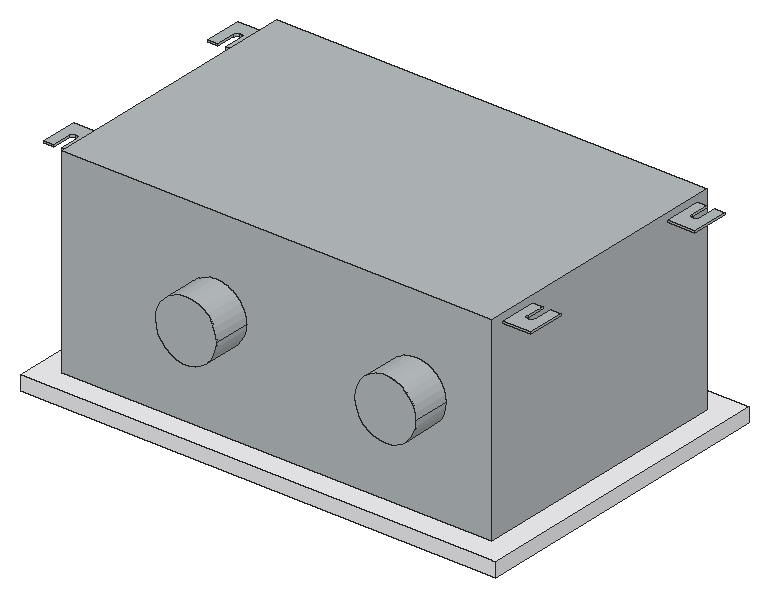
Revit family "lgh-n15_25dc_60Hz", category 機械設備, Revit 2019
Family settings
  丸型コネクタ寸法 = 直径を使用
  パーツ タイプ = 標準
  OmniClass 番号 = 23.75.10.34.21
  OmniClass タイトル = Heat Exchangers for Ventilation Air
  作業面ベース = いいえ
  常に垂直 = はい
  ロード時にボイドで切り取り = いいえ
  共有 = いいえ
  部屋計算ポイント = はい
Parameters (values of type "LGH-N10DC")
  騒音レベル(dB(A)) = 30
  風量 = 100.0 m³/h
  面風速 = 3.54 m/s
  電源種別 [instance] = "一般"
  電圧 = 100 V
  電動機出力 = 0 W
  集中コントローラ = ""
  運転質量 = 0.00 kg
  連動 [instance] = ""
  質量 = if(製品質量 > 運転質量, 製品質量, 運転質量) * 1.2  # 18.00 kg
  負荷分類 = 3_ファン類
  説明 = "業務用ロスナイ パワー脱臭カセット形"
  設計風量 = 0.0 m³/h
  設置方法 = "カセット形"
  記号 [instance] = ""
  製造元 = "MITSIBISHI ELECTRIC"
  製品質量 = 15.00 kg
  製品出荷対象 = "国内"
  製品リリース年月 = "2013/7/1"
  製品グループ = ""
  系統 [instance] = ""
  符号 = "HEU"
  積算_科目 = "1 空気調和設備"
  積算_拾い区分 [instance] = ""
  相 = 1
  盤記号 [instance] = ""
  発停方法 [instance] = "別売スイッチ"
  特殊仕様 [instance] = ""
  火災停止 [instance] = ""
  温度交換効率 = 60.00%
  消費電力 = 30 W
  法定耐用年数 = "15"
  機外静圧_排気 = 0.0 Pa
  機外静圧 = 0.0 Pa
  構成部品 = "パネル"
  極数 = 1
  材質 [instance] = ""
  本体マテリアル = 溶融亜鉛めっき鋼板
  操作・制御方式 = ""
  操作・制御スイッチ = ""
  排気量 = 0.0 m³/h
  形式 = "カセット形"
  幹線記号 [instance] = ""
  対象室 [instance] = ""
  実風量 = 0.0 m³/h
  始動方式 [instance] = "直入"
  天吊金具_径 = 6.5 mm
  天吊金具_幅 = 30 mm
  外気量 = 0.0 m³/h
  呼称 = "全熱交換ユニット"
  周波数 = 60 Hz
  天吊金具ピッチ2 = 330 mm
  天吊金具ピッチ1 = 736 mm
  天吊金具_高さ = 10 mm
  参照している仕様書等のバージョン = ""
  初期抵抗 = 0.0 Pa
  分類コード = "50052504100080"
  分類グループ = ""
  価格 = 120000
  企業コード = "108420"
  付属品_フィルター_還気 = ""
  付属品_フィルター = ""
  付属品 [instance] = ""
  仕様書バージョン = "Version1.0"
  モデル = "LGH-N10DC"
  パネルマテリアル = 樹脂成形
  コメント [instance] = ""
  Keynote = ""
  エンタルピ交換効率_暖房 = 48.00%
  エンタルピ交換効率_冷房 = 41.00%
  Assembly Code = ""
  Width = 690 mm
  Version = ""
  Uniclass2015Version = "Systems v1.9"
  Uniclass2015Title = "Thermal wheels"
  Uniclass2015Code = "Pr_60_60_36_88"
  URL = "https://www.mitsubishielectric.co.jp/ldg/wink/ssl/displayProduct.do?pid=212457"
  SpecificationReference = ""
  SpecificationDescription = ""
  Panel_Center = 0 mm
  Duct_W = 123 mm
  SAサイズ_D = 0 mm
  Revision = ""
  RAサイズ_D = 0 mm
  ProductInformation = ""
  OmniClassCode = "23-27 23 19 11"
  OAサイズ_W = 0 mm
  OAサイズ_D = 97.5 mm
  MIN風量 = 60.0 m³/h
  MIN静圧 = 0.0 Pa
  MAX風量 = 100.0 m³/h
  MAX静圧 = 0.0 Pa
  IfcTypeProduct = ""
  IfcProduct = ""
  IfcExportType = "ROTARYWHEEL"
  IfcExportAs = "IfcAirToAirHeatRecoveryType"
  Height = 318 mm
  EAサイズ_W = 0 mm
  EAサイズ_D = 97.5 mm
  Duct_Pitch = 320 mm
  Duct_Height = 145 mm
  Duct_Depth = 60 mm
  Depth = 430 mm
  Panel_Width = 763 mm
  Panel_Height = 23 mm
  Panel_Depth = 506 mm
  Author = "MITSUBISHI ELECTRIC"
Types (3, lengths in mm): name | 騒音レベル(dB(A)) | 風量 | 面風速 | 質量 | 製品質量 | 消費電力 | 天吊金具ピッチ2 | 天吊金具ピッチ1 | 価格 | モデル | エンタルピ交換効率_暖房 | エンタルピ交換効率_冷房 | Width | URL | Panel_Center | Duct_W | OAサイズ_D | MIN風量 | MAX風量 | Height | EAサイズ_D | Duct_Pitch | Duct_Height | Duct_Depth | Depth | Panel_Width | Panel_Depth
  LGH-N10DC | 30 | 100.0 m³/h | 3.54 m/s | 18.00 kg | 15.00 kg | 30 W | 330 | 736 | 120000 | "LGH-N10DC" | 48.00% | 41.00% | 690 | "https://www.mitsubishielectric.co.jp/ldg/wink/ssl/displayProduct.do?pid=212457" | 0 | 123 | 97.5 | 60.0 m³/h | 100.0 m³/h | 318 | 97.5 | 320 | 145 | 60 | 430 | 763 | 506
  LGH-N15DC | 33 | 150.0 m³/h | 5.31 m/s | 21.60 kg | 18.00 kg | 49 W | 330 | 926 | 150000 | "LGH-N15DC" | 50.00% | 40.00% | 880 | "https://www.mitsubishielectric.co.jp/ldg/wink/ssl/displayProduct.do?pid=212458" | 95 | 123 | 97.5 | 80.0 m³/h | 150.0 m³/h | 350 | 97.5 | 405 | 145 | 90 | 430 | 763 | 506
  LGH-N25DC | 36 | 250.0 m³/h | 3.93 m/s | 30.00 kg | 25.00 kg | 100 W | 420 | 926 | 193000 | "LGH-N25DC" | 55.00% | 42.00% | 880 | "https://www.mitsubishielectric.co.jp/ldg/wink/ssl/displayProduct.do?pid=212045" | 0 | 137 | 142 | 140.0 m³/h | 250.0 m³/h | 390 | 142 | 450 | 115 | 60 | 520 | 955 | 596
Reference planes
  plane 1 "中心(正面/背面)": y = 0
  plane 2: z = 0
  plane 3 "中心(左/右)": x = 0
  plane 4: x = -345
  plane 5: x = 345
  plane 6: y = 215
  plane 7: y = -215
  plane 8: z = 173
  plane 9: x = -98
  plane 10: x = 222
  plane 11: y = -275
  plane 12: x = -368
  plane 13: x = 368
  plane 14: y = 165
  plane 15: y = -165
  plane 16: y = 195
  plane 17: y = 135
  plane 18: y = -135
  plane 19: y = -195
  plane 20: z = 308
  plane 21: z = 305
  plane 22: x = -381.5
  plane 23: y = 253
  plane 24: y = -253
  plane 25: x = 381.5
  plane 26: z = -23
  plane 27: x = -390.5
  plane 28: x = 390.5
  plane 29: z = 318
  plane 30: x = 0
Forms (mm)
  Extrusion 1, solid, material "溶融亜鉛めっき鋼板" <- "本体マテリアル", detail levels fine
    sketch origin (0, 0, 0) x (1, 0, 0) y (0, 1, 0)
      loop
        line (-345, 215) -> (-345, -215) -> (345, -215) -> (345, 215) -> (-345, 215)
    from 318 to 0
  Extrusion 2, solid, material "溶融亜鉛めっき鋼板" <- "本体マテリアル", detail levels fine
    sketch origin (510, -445, 0) x (-1, 0, 0) y (0, 0, -1)
      loop
        circle (288, -173) r 48.75
    from -230 to -170
  Extrusion 3, solid, material "溶融亜鉛めっき鋼板" <- "本体マテリアル", detail levels fine
    sketch origin (-510, -445, 0) x (1, 0, 0) y (0, 0, 1)
      loop
        circle (412, 173) r 48.75
    from -230 to -170
  Extrusion 4, solid, material "樹脂成形" <- "パネルマテリアル"
    sketch origin (0, 0, 0) x (1, 0, 0) y (0, 1, 0)
      loop
        line (-381.5, 253) -> (-381.5, -253) -> (381.5, -253) -> (381.5, 253) -> (-381.5, 253)
    from -23 to 0
  Extrusion 5, solid, material "溶融亜鉛めっき鋼板"
    sketch origin (0, 0, 0) x (1, 0, 0) y (0, 1, 0)
      loop
        line (-345, 195) -> (-390.5, 195) -> (-390.5, 135) -> (-374.5, 135) -> (-374.5, 165)
        arc (-374.5, 165) -> (-368, 171.5) -> (-361.5, 165) r 6.5
        line (-361.5, 165) -> (-361.5, 135) -> (-345, 135) -> (-345, 195)
    from 305 to 308
  Extrusion 6, solid, material "溶融亜鉛めっき鋼板"
    sketch origin (0, 0, 0) x (1, 0, 0) y (0, 1, 0)
      loop
        line (-345, -135) -> (-390.5, -135) -> (-390.5, -195) -> (-374.5, -195) -> (-374.5, -165)
        arc (-374.5, -165) -> (-368, -158.5) -> (-361.5, -165) r 6.5
        line (-361.5, -165) -> (-361.5, -195) -> (-345, -195) -> (-345, -135)
    from 305 to 308
  Extrusion 7, solid, material "溶融亜鉛めっき鋼板"
    sketch origin (0, 0, 0) x (-1, 0, 0) y (0, -1, 0)
      loop
        line (-345, 195) -> (-390.5, 195) -> (-390.5, 135) -> (-374.5, 135) -> (-374.5, 165)
        arc (-374.5, 165) -> (-368, 171.5) -> (-361.5, 165) r 6.5
        line (-361.5, 165) -> (-361.5, 135) -> (-345, 135) -> (-345, 195)
    from 305 to 308
  Extrusion 8, solid, material "溶融亜鉛めっき鋼板"
    sketch origin (0, 420, 0) x (-1, 0, 0) y (0, -1, 0)
      loop
        line (-345, 285) -> (-390.5, 285) -> (-390.5, 225) -> (-374.5, 225) -> (-374.5, 255)
        arc (-374.5, 255) -> (-368, 261.5) -> (-361.5, 255) r 6.5
        line (-361.5, 255) -> (-361.5, 225) -> (-345, 225) -> (-345, 285)
    from 305 to 308
Lines and regions (mm)
  Masking region 1, detail levels coarse+medium
    outline origin (1326.5, 29, 0) x (1, 0, 0) y (0, 1, 0)
      loop
        line (-1671.5, 186) -> (-1671.5, -244) -> (-981.5, -244) -> (-981.5, 186) -> (-1671.5, 186)
  symbolic lines, detail levels coarse+medium
    curve 1: line (0, 215, 0) -> (-345, 0, 0)
    curve 2: line (-345, 0, 0) -> (0, -215, 0)
    curve 3: line (0, -215, 0) -> (345, 0, 0)
    curve 4: line (345, 0, 0) -> (0, 215, 0)
Dimensions and locks
  equal spacing: plane 4, plane 3 "中心(左/右)", plane 5
  "Width": plane 4 to plane 5
  equal spacing: plane 6, plane 1 "中心(正面/背面)", plane 7
  "Depth": plane 6 to plane 7
  "Duct_Pitch": plane 10 to plane 9
  "Duct_Depth": plane 7 to plane 11
  equal spacing: plane 12, plane 3 "中心(左/右)", plane 13
  "天吊金具ピッチ1": plane 12 to plane 13
  equal spacing: plane 14, plane 1 "中心(正面/背面)", plane 15
  "天吊金具ピッチ2": plane 14 to plane 15
  equal spacing: plane 16, plane 14, plane 17
  locked: plane 20 to plane 21 at 3
  equal spacing: plane 23, plane 1 "中心(正面/背面)", plane 24
  "Panel_Depth": plane 23 to plane 24
  "Duct_W": plane 5 to plane 10
  equal spacing: plane 18, plane 15, plane 19
  "天吊金具_幅": plane 15 to plane 19
  "天吊金具_幅": plane 14 to plane 17
  locked: plane 27 to plane 12 at 22.5
  locked: plane 13 to plane 28 at 22.5
  "Height": plane 29 to level
  "天吊金具_高さ": plane 29 to plane 20
  "Duct_Height": plane 29 to plane 8
  "Panel_Height": level to plane 26
  "Panel_Center": plane 30 to plane 3 "中心(左/右)"
  equal spacing: plane 22, plane 30, plane 25
  "Panel_Width": plane 22 to plane 25
  "EAサイズ_D": diameter of Extrusion 3 sketch curve
  "天吊金具_径": radius of Extrusion 5 sketch curve
  "天吊金具_径": radius of Extrusion 6 sketch curve
  "天吊金具_径": radius of Extrusion 7 sketch curve
  "天吊金具_径": radius of Extrusion 8 sketch curve
  "OAサイズ_D": diameter of Extrusion 2 sketch curve
  aligned and locked: level to plane 2
  aligned and locked: plane 7 to Extrusion 2
  aligned and locked: Extrusion 2 to plane 11
  aligned and locked: Masking region 1 to plane 4
  aligned and locked: plane 5 to Masking region 1
  aligned and locked: plane 6 to Masking region 1
  aligned and locked: Masking region 1 to plane 7
  aligned and locked: plane 13 to nested 1
  aligned and locked: plane 12 to nested 1
  aligned and locked: nested 1 to plane 15
  aligned and locked: plane 14 to nested 1
  aligned and locked: Extrusion 3 to plane 11
  aligned and locked: plane 7 to Extrusion 3
  aligned and locked: Extrusion 4 sketch curve to plane 23
  aligned and locked: plane 22 to Extrusion 4 sketch curve
  aligned and locked: plane 24 to Extrusion 4 sketch curve
  aligned and locked: Extrusion 4 sketch curve to plane 25
  aligned and locked: Extrusion 4 to plane 26
  aligned and locked: plane 4 to Extrusion 5 sketch curve
  aligned and locked: plane 16 to Extrusion 5 sketch curve
  aligned and locked: Extrusion 5 sketch curve to plane 27
  aligned and locked: Extrusion 5 sketch curve to plane 17  (x2)
  aligned and locked: plane 18 to Extrusion 6 sketch curve
  aligned and locked: plane 4 to Extrusion 6 sketch curve
  aligned and locked: Extrusion 6 sketch curve to plane 27
  aligned and locked: Extrusion 6 sketch curve to plane 19  (x2)
  aligned and locked: Extrusion 7 sketch curve to plane 19
  aligned and locked: Extrusion 7 sketch curve to plane 5
  aligned and locked: Extrusion 7 sketch curve to plane 28
  aligned and locked: Extrusion 8 sketch curve to plane 28
  aligned and locked: Extrusion 8 sketch curve to plane 17
  aligned and locked: Extrusion 8 sketch curve to plane 5
  aligned and locked: plane 16 to Extrusion 8 sketch curve  (x2)
  aligned and locked: Extrusion 6 to plane 21
  aligned and locked: plane 20 to Extrusion 6
  aligned and locked: Extrusion 5 to plane 21
  aligned and locked: plane 20 to Extrusion 5
  aligned and locked: Extrusion 7 to plane 21
  aligned and locked: plane 20 to Extrusion 7
  aligned and locked: Extrusion 8 to plane 21
  aligned and locked: plane 20 to Extrusion 8
  aligned and locked: Extrusion 1 to plane 29
  aligned and locked: Extrusion 1 to level
  aligned and locked: level to Extrusion 4
Automatic sketch dimensions
  plane 1 "中心(正面/背面)" to curve 1 = 0 mm
  curve 1 to plane 4 = 0 mm
  curve 2 to plane 3 "中心(左/右)" = 0 mm
  curve 4 to plane 3 "中心(左/右)" = 0 mm
  plane 1 "中心(正面/背面)" to curve 4 = 0 mm
  curve 4 to plane 5 = 0 mm
  curve 2 to plane 7 = 0 mm
  curve 4 to plane 6 = 0 mm
  Extrusion 1 sketch curve to plane 4 = 0 mm
  Extrusion 1 sketch curve to plane 5 = 0 mm
  Extrusion 1 sketch curve to plane 7 = 0 mm
  Extrusion 1 sketch curve to plane 6 = 0 mm
  Extrusion 2 sketch curve to plane 8 = 0 mm
  Extrusion 2 sketch curve to plane 10 = 0 mm
  Masking region 1 sketch curve to plane 4 = 0 mm
  Masking region 1 sketch curve to plane 5 = 0 mm
  Masking region 1 sketch curve to plane 7 = 0 mm
  Masking region 1 sketch curve to plane 6 = 0 mm
  Extrusion 5 sketch curve to plane 14 = 0 mm
  Extrusion 5 sketch curve to plane 12 = 0 mm
  Extrusion 6 sketch curve to plane 15 = 0 mm
  Extrusion 6 sketch curve to plane 12 = 0 mm
  Extrusion 7 sketch curve to plane 18 = 0 mm  (x2)
  Extrusion 7 sketch curve to plane 15 = 0 mm
  Extrusion 7 sketch curve to plane 13 = 0 mm
  Extrusion 8 sketch curve to plane 14 = 0 mm
  Extrusion 8 sketch curve to plane 13 = 0 mm
  Extrusion 3 sketch curve to plane 8 = 0 mm
  Extrusion 3 sketch curve to plane 9 = 0 mm
Nested families
  nested 1: "固定点" at (-368, -165, 0), type "固定点"
    with W 736 mm, D 330 mm
Connectors
  hvac at (222, -275, 173), driven by "RAサイズ_D", driven by "機外静圧", driven by "風量"
    settings: on Extrusion 2, index 2, duct flow 100.0 m³/h, flow factor 0, pres drop 0.0 Pa, loss coef 0, conn angle 0.00°, conn width 304.8 mm, conn height 304.8 mm, conn diameter 0 mm, duct sys type 4, conn prof type 0, flow config 0, flow direction 1, loss method 4, conn ref index -1, conn util no, is conn primary no, conn desc ""
  hvac at (-98, -275, 173), driven by "SAサイズ_D", driven by "風量", driven by "機外静圧"
    settings: on Extrusion 3, index 10, duct flow 100.0 m³/h, flow factor 0, pres drop 0.0 Pa, loss coef 0, conn angle 0.00°, conn width 304.8 mm, conn height 304.8 mm, conn diameter 0 mm, duct sys type 3, conn prof type 0, flow config 0, flow direction 2, loss method 4, conn ref index -1, conn util no, is conn primary yes, conn desc ""
  electrical at (0, 0, 318), driven by "極数", driven by "負荷分類", driven by "電圧", driven by "消費電力"
    settings: on Extrusion 1, index 11, voltage 100 V, apparent load 30 VA, apparent load phase1 0 VA, apparent load phase2 0 VA, apparent load phase3 0 VA, power factor 1, load classification "3_ファン類", number of poles 1, system type 30, power factor state 1, is connector primary yes, connector utility no, sub classification motor no, connector description ""
Definition of nested family "固定点"
  Parameters (values of type "固定点")
    中心円 = 20 mm
    W [instance] = 1000 mm
    D [instance] = 1000 mm
  Reference planes
    plane 1 "中心(正面/背面)": y = 0
    plane 2: z = 0
    plane 3 "中心(左/右)": x = 0
    plane 4: x = 1000
    plane 5: y = 1000
  Lines and regions (mm)
    symbolic lines, detail levels fine
      curve 1: circle (0, 1000, 0) r 10 normal (0, 0, 1)
      curve 2: circle (0, 0, 0) r 10 normal (0, 0, 1)
      curve 3: circle (1000, 1000, 0) r 10 normal (0, 0, 1)
      curve 4: circle (1000, 0, 0) r 10 normal (0, 0, 1)
      curve 5: line (-200, 1000, 0) -> (1200, 1000, 0)
      curve 6: line (-200, 0, 0) -> (1200, 0, 0)
      curve 7: line (0, 1200, 0) -> (0, -200, 0)
      curve 8: line (1000, 1200, 0) -> (1000, -200, 0)
  Dimensions and locks
    "W": plane 3 "中心(左/右)" to plane 4
    "D": plane 1 "中心(正面/背面)" to plane 5
    "中心円": diameter of curve 1
    "中心円": diameter of curve 2
    "中心円": diameter of curve 3
    "中心円": diameter of curve 4
    aligned and locked: level to plane 2
    aligned and locked: plane 5 to curve 1
    aligned and locked: plane 3 "中心(左/右)" to curve 1
    aligned and locked: plane 3 "中心(左/右)" to curve 2
    aligned and locked: plane 1 "中心(正面/背面)" to curve 2
    aligned and locked: plane 4 to curve 3
    aligned and locked: plane 5 to curve 3
    aligned and locked: plane 1 "中心(正面/背面)" to curve 4
    aligned and locked: plane 4 to curve 4
    aligned and locked: plane 1 "中心(正面/背面)" to curve 6
    aligned and locked: curve 7 to plane 3 "中心(左/右)"
    aligned and locked: curve 8 to plane 4
  Automatic sketch dimensions
    curve 5 to plane 5 = 0 mm
    curve 6 to plane 3 "中心(左/右)" = 200 mm
    curve 5 to plane 3 "中心(左/右)" = 200 mm
    curve 4 to curve 6 = 200 mm
    curve 3 to curve 5 = 200 mm
    plane 1 "中心(正面/背面)" to curve 8 = 200 mm
    plane 1 "中心(正面/背面)" to curve 7 = 200 mm
    curve 3 to curve 8 = 200 mm
    curve 1 to curve 7 = 200 mm
